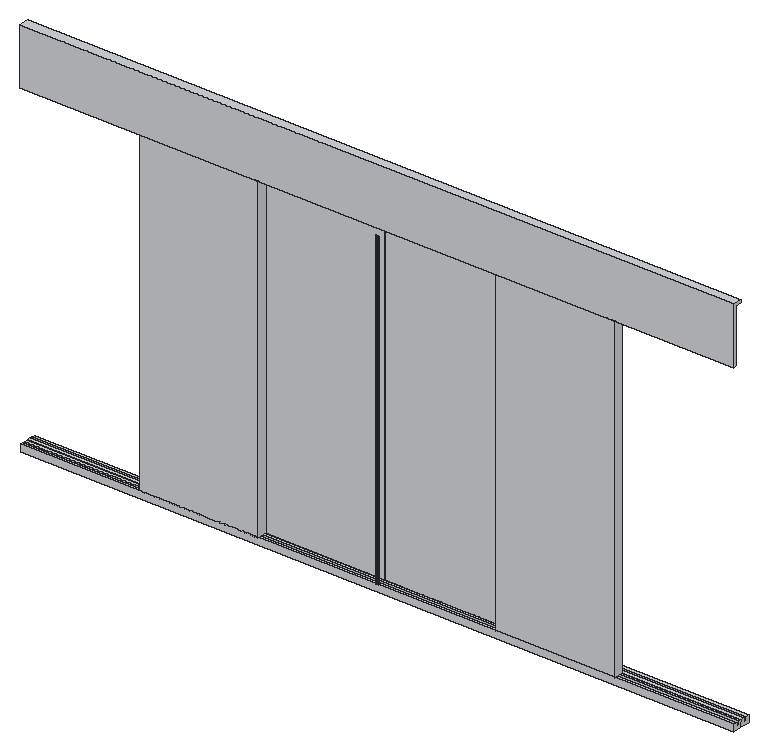
Revit family "Center Opening_4 Panels", category Generic Models, Revit 2021
Family settings
  Can host rebar = No
  Round Connector Dimension = Use Diameter
  Part Type = Normal
  Work Plane-Based = No
  Always vertical = Yes
  Cut with Voids When Loaded = No
  Shared = No
  Room Calculation Point = No
Parameters
  track width = Door Width * 6  # 4800 mm
  sill-track width = (sill thickness - sill track gap) / 2  # 22 mm
  sill track gap = 16 mm
  sill thickness = 60 mm
  header width = track width  # 4800 mm
  header thickness = 60 mm
  header frame thickness = 20 mm
  framing width = 12 mm
  frame thickness = 61 mm
  door thickness = 60 mm
  Photocell = yes
  OperationType = "Not vertically sliding, centre opening"
  Number of Panel = 4
  Mechanical Safety Edge = yes
  Light Curtain/Photocell Brand = "BCA Brand"
  Light Curtain = yes
  Lift Curtain/Photocell Model = "BCA55 Y"
  DoorLockOpenableFromPit = yes
  Door Width = 800 mm
  Door Height = 2150 mm
  Default Elevation = 0 mm
  Car Door Operator Model = "BCA Drive X"
  Car Door Operator Brand = "BCA Brand"
Reference planes
  plane 1 "Center (Front/Back)": y = 0
  plane 2: z = 0
  plane 3 "Center (Left/Right)": x = 0
Forms (mm)
  Extrusion 1, solid
    sketch origin (0, 0, 0) x (0, 1, 0) y (0, 0, 1)
      loop
        line (0, 0) -> (0, -45) -> (60, -45) -> (60, 0) -> (38, 0) -> (38, -23.462) -> (22, -23.462) -> (22, 0) -> (0, 0)
    from -2400 to 2400
  Extrusion 2, solid
    sketch origin (0, 0, 0) x (1, 0, 0) y (0, 0, 1)
      loop
        line (0, 0) -> (800, 0) -> (800, 2150) -> (0, 2150) -> (0, 0)
    from -60 to -120
  Extrusion 3, solid
    sketch origin (0, 0, 0) x (-1, 0, 0) y (0, 0, -1)
      loop
        line (0, 0) -> (0, -2150) -> (800, -2150) -> (800, 0) -> (0, 0)
    from -60 to -120
  Extrusion 4, solid
    sketch origin (0, 0, 0) x (1, 0, 0) y (0, 0, 1)
      loop
        line (0, 2100) -> (0, 0) -> (12, 0) -> (12, 2100) -> (0, 2100)
    from 0 to 1
  Extrusion 5, solid
    sketch origin (0, 0, 0) x (-1, 0, 0) y (0, 0, -1)
      loop
        line (0, -2100) -> (12, -2100) -> (12, 0) -> (0, 0) -> (0, -2100)
    from 0 to 1
  Extrusion 6, solid
    sketch origin (0, 0, 0) x (0, 1, 0) y (0, 0, 1)
      loop
        line (-1, 2150) -> (19, 2150) -> (19, 2510) -> (59, 2510) -> (59, 2530) -> (-1, 2530) -> (-1, 2150)
    from -2400 to 2400
  Extrusion 7, solid
    sketch origin (0, 62.5, 0) x (0, 1, 0) y (0, 0, 1)
      loop
        line (-2.5, 0) -> (-2.5, -45) -> (57.5, -45) -> (57.5, 0) -> (35.5, 0) -> (35.5, -23.462) -> (19.5, -23.462) -> (19.5, 0) -> (-2.5, 0)
    from -2400 to 2400
  Extrusion 8, solid
    sketch origin (835, 0, 0) x (1, 0, 0) y (0, 0, 1)
      loop
        line (-35, 0) -> (765, 0) -> (765, 2150) -> (-35, 2150) -> (-35, 0)
    from 0 to -60
  Extrusion 9, solid
    sketch origin (-800, 0, 0) x (-1, 0, 0) y (0, 0, -1)
      loop
        line (0, 0) -> (0, -2150) -> (800, -2150) -> (800, 0) -> (0, 0)
    from 0 to -60
Dimensions and locks
  "sill thickness": Extrusion 1 to Extrusion 1
  "sill track gap": Extrusion 1 to Extrusion 1
  "sill-track width": Extrusion 1 to Extrusion 1
  Extrusion 1 to Extrusion 1 = 22 mm
  equal spacing: Extrusion 1, plane 3 "Center (Left/Right)", Extrusion 1
  "Door Height": Extrusion 2 to Extrusion 2
  "Door Width": Extrusion 2 to Extrusion 2
  "Door Width": Extrusion 3 to Extrusion 3
  "Door Height": Extrusion 3 to Extrusion 3
  "door thickness": Extrusion 3 to Extrusion 3  (x2)
  "frame thickness": Extrusion 3 to Extrusion 4
  "framing width": Extrusion 4 to Extrusion 4
  "framing width": Extrusion 5 to Extrusion 5
  "header frame thickness": Extrusion 6 to Extrusion 6  (x2)
  "header thickness": Extrusion 6 to Extrusion 6
  "track width": Extrusion 1 to Extrusion 1
  "header width": Extrusion 6 to Extrusion 6
  equal spacing: Extrusion 6, plane 3 "Center (Left/Right)", Extrusion 6
  Extrusion 7 to Extrusion 7 = 4800 mm
  "sill thickness": Extrusion 7 to plane 1 "Center (Front/Back)"
  "sill thickness": Extrusion 7 to Extrusion 7
  "sill track gap": Extrusion 7 to Extrusion 7
  "sill-track width": Extrusion 7 to Extrusion 7
  "Door Width": Extrusion 8 to Extrusion 8
  "Door Width": Extrusion 3 to Extrusion 8
  "Door Width": Extrusion 9 to Extrusion 9
  "Door Width": Extrusion 3 to Extrusion 9
  equal spacing: Extrusion 7, plane 3 "Center (Left/Right)", Extrusion 7
  "track width": Extrusion 7 to Extrusion 7
  aligned and locked: level to plane 2
  aligned and locked: plane 1 "Center (Front/Back)" to Extrusion 1
Automatic sketch dimensions
  Extrusion 1 sketch curve to level = 0 mm  (x2)
  Extrusion 1 sketch curve to plane 1 "Center (Front/Back)" = 0 mm
  Extrusion 1 sketch curve to Extrusion 1 sketch curve = 22 mm  (x2)
  Extrusion 1 sketch curve to Extrusion 1 sketch curve = 16 mm
  Extrusion 1 sketch curve to level = 23.462 mm
  Extrusion 1 sketch curve to Extrusion 1 sketch curve = 21.538 mm
  Extrusion 2 sketch curve to plane 3 "Center (Left/Right)" = 0 mm
  Extrusion 2 sketch curve to level = 0 mm
  plane 3 "Center (Left/Right)" to Extrusion 2 sketch curve = 800 mm
  level to Extrusion 2 sketch curve = 2150 mm
  Extrusion 3 sketch curve to plane 3 "Center (Left/Right)" = 0 mm
  Extrusion 3 sketch curve to level = 0 mm
  Extrusion 3 sketch curve to plane 3 "Center (Left/Right)" = 800 mm
  level to Extrusion 3 sketch curve = 2150 mm
  Extrusion 4 sketch curve to plane 3 "Center (Left/Right)" = 0 mm
  Extrusion 4 sketch curve to level = 0 mm
  plane 3 "Center (Left/Right)" to Extrusion 4 sketch curve = 12 mm
  level to Extrusion 4 sketch curve = 2100 mm
  Extrusion 5 sketch curve to plane 3 "Center (Left/Right)" = 0 mm
  Extrusion 5 sketch curve to level = 0 mm
  Extrusion 5 sketch curve to Extrusion 5 sketch curve = 12 mm
  level to Extrusion 5 sketch curve = 2100 mm
  plane 1 "Center (Front/Back)" to Extrusion 6 sketch curve = 1 mm
  Extrusion 6 sketch curve to plane 1 "Center (Front/Back)" = 19 mm
  Extrusion 6 sketch curve to Extrusion 6 sketch curve = 40 mm
  level to Extrusion 6 sketch curve = 2150 mm
  Extrusion 6 sketch curve to Extrusion 6 sketch curve = 360 mm
  Extrusion 6 sketch curve to Extrusion 6 sketch curve = 20 mm
  Extrusion 7 sketch curve to level = 0 mm  (x2)
  Extrusion 7 sketch curve to plane 1 "Center (Front/Back)" = 60 mm
  Extrusion 7 sketch curve to Extrusion 7 sketch curve = 22 mm  (x2)
  Extrusion 7 sketch curve to Extrusion 7 sketch curve = 16 mm
  Extrusion 7 sketch curve to Extrusion 7 sketch curve = 23.462 mm
  Extrusion 7 sketch curve to Extrusion 7 sketch curve = 21.538 mm
  Extrusion 8 sketch curve to level = 0 mm
  plane 3 "Center (Left/Right)" to Extrusion 8 sketch curve = 800 mm
  Extrusion 8 sketch curve to Extrusion 8 sketch curve = 800 mm
  level to Extrusion 8 sketch curve = 2150 mm
  Extrusion 9 sketch curve to level = 0 mm
  Extrusion 9 sketch curve to plane 3 "Center (Left/Right)" = 800 mm
  Extrusion 9 sketch curve to Extrusion 9 sketch curve = 800 mm
  Extrusion 9 sketch curve to Extrusion 9 sketch curve = 2150 mm
